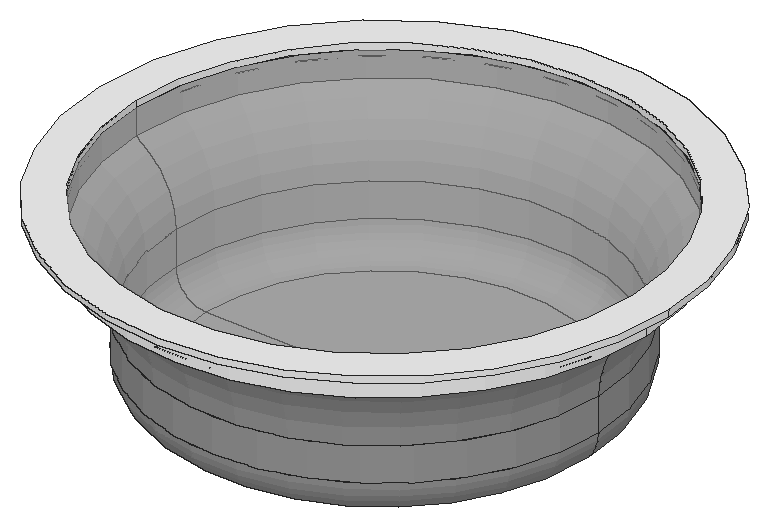
Revit family "3033937 Lighting Fixture_Sylvania_Insaver HO Topper LED II_Ceiling Recessed", category Lighting Fixtures, host Face, Revit 2017
Family settings
  Host = Face
  Round Connector Dimension = Use Diameter
  Part Type = Normal
  OmniClass Number = 23.80.70.11.17
  OmniClass Title = Specialized Lighting by Location or Use
  Cut with Voids When Loaded = No
  Light Source = Yes
  Shared = No
  Room Calculation Point = No
Parameters (values of type "Insaver HO Topper LED II 175 RO 15W NW")
  Weight = 0.45 kg
  Wattage = 16.2515 W
  built-in parameter 1150110 = 1 (stored number, unit not read)
  Voltage Comments = "UNV (Universal Voltage; 220-240 Volt)"  # constant formula
  Voltage = 230 V  # constant formula
  URL = "http://www.sylvania-lighting.com"
  Ta Rating = "-10°C to +40°C"  # constant formula
  LOR = "100 %"
  Glow Wire Test = 650 °C  # constant formula
  Electrical Protection = "Class II"  # constant formula
  Distribution type = "Direct - Symmetrical"  # constant formula
  Accessory Marerial = Metallic Paint_Sylvania_Insaver HO Topper LED_White_RAL 9003
  built-in parameter 1114217 = 1 (stored number, unit not read)
  Tilt Angle = -90°
  built-in parameter 1150109 = 1 (stored number, unit not read)
  built-in parameter 1150134 = 12
  built-in parameter 1150113 = 1 (stored number, unit not read)
  Product Page URL = "http://www.sylvania-lighting.com/product/en-int/products/3033937"
  Product Family = "INSAVER HO TOPPER LED II"  # constant formula
  Photometry Comments = ""
  Photometric Web File = "3033937_InsaverHOTopperLEDII175RO15WNW-194716.ies"
  Life = "50 000 h"  # constant formula
  Inner Radius = Inner Diameter / 2  # 85.0 mm
  IP Rating = "IP44"  # constant formula
  IK Rating = "IK07"  # constant formula
  Emit from Circle Diameter = Diffuser Diameter  # 166.0 mm
  Drive Current = "300 mA"
  Accessory Diameter = Diameter + 15.0 mm  # 190.0 mm
  Inner Diameter = Diameter - 5.0 mm  # 170.0 mm
  Diffuser Diameter = Diameter - 9.0 mm  # 166.0 mm
  Diameter = 175.0 mm
  Cutout Diameter = Diameter  # 175.0 mm
  CRI ( Ra ) = 80  # constant formula
  Body Material = Metallic Paint_Sylvania_Insaver HO Topper LED_White_RAL 9003
  Beam Angle = 74°  # constant formula
  Difuser Material = Polycarbonate_Sylvania_Insaver HO Topper LED_3000K
  Height = 55.0 mm
  built-in parameter 1114216 [instance] = 1 (stored number, unit not read)
  Model = "Insaver HO Topper LED II 175 RO 15W NW"
  Manufacturer = "Feilo Sylvania"  # constant formula
  built-in parameter 1150105 = 831.51 (stored number, unit not read)
  Lumens = 1481 lm
  built-in parameter 1150115 = 1 (stored number, unit not read)
  built-in parameter 1150137 = (empty or 0)
  built-in parameter 1150139 = (empty or 0)
  built-in parameter 1150112 = 1 (stored number, unit not read)
  built-in parameter 1150114 = 1 (stored number, unit not read)
  Lamp Comments = "Integrated LED"  # constant formula
  Lamp = "15W"
  built-in parameter 1150132 = 2
  built-in parameter 1150102 = (empty or 0)
  built-in parameter 1150107 = 4000 (stored number, unit not read)
  built-in parameter 1150138 = (empty or 0)
  built-in parameter 1150106 = 8.3151 (stored number, unit not read)
  Reflector Material = Metal_Sylvania_Insaver HO Topper LED
  Emit Shape Visible in Rendering = yes
  built-in parameter 1150104 = 8.4663 (stored number, unit not read)
  Dimming Lamp Color Temperature Shift = <None>
  Description = "Insaver HO Topper LED II is available in 4 different round cut out sizes: 150mm, 175mm, 205mm & 220mm Insaver HO Topper LED II 150 12W delivers a 1,134 lumen output (4,000K) - perfect for 1x26W CFL replacement Insaver HO Topper LED II 175 15W delivers a 1,480 lumen output (4,000K) - perfect for 1x32W/2x18W CFL replacement Insaver HO Topper LED II 205 21W delivers a 1,989 lumen output (4,000K) - perfect for 1x42W CFL replacement Insaver HO Topper LED II 225 25W delivers a 2,289 lumen output (4,000K)- perfect for 2x26W CFL replacement High efficacy up to 99lm/W (Insaver HO Topper LED II 175 4,000K) IP44 rating allows for installation in applicable wet zone areas Choice of 3,000K (warm white) or 4,000K (neutral white) Shallow recess depth of <65mm Can replace existing large CFL downlights using a 225mm ceiling cut out (Insaver HO Topper LED II 225) Energy efficient electronic gear including analogue 1-10V and DALI dimmable options IK07 polycarbonate diffuser allows for a wider light distribution than a reflector downlight, allowing for increased spacings between luminaires 3 hour emergency pack available (to be ordered in addition to the luminaire) Ideal for applications such as corridors, public WCs and back of house areas Quick and easy to install Loop in-Loop out facility with red push fit terminal block for quick wiring White bezel (RAL 9003) Energy Class: A++, A+, A Long lifetime: 50,000 hours life at L70 (L80: 30,000 hours, L90: 15,000 hours)"  # constant formula
  Default Elevation = 0.0 mm
  Color Filter = 16777215
  Catalog Number = "3033937 Insaver HO Topper LED II 175 RO 15W NW"
  built-in parameter 1140040 [instance] = 1
  built-in parameter 1114218 = 1 (stored number, unit not read)
  built-in parameter 1150133 = 10 (stored number, unit not read)
  Assembly Code = "D5020200"
  Apparent Load Comments = ""
  Apparent Load = 15 VA
Reference planes
  plane 1 "Center (Front/Back)": y = 0
  plane 2: z = 0
  plane 3 "Center (Left/Right)": x = 0
  plane 4 "Fixture Bottom": z = 2
  plane 5 "Fixture Top": z = -55
  plane 6 "Brace Top": z = -8.5
  plane 7 "Fixture Left": x = -95
  plane 8 "Fixture Right": x = 95
  plane 9 "Cutout Right": x = 87.5
  plane 10 "Cutout Left": x = -87.5
  plane 11: z = -2
Forms (mm)
  Extrusion 1, void
    sketch origin (0, 0, 59) x (-1, 0, 0) y (0, -1, 0)
      loop
        circle (0, 0) r 87.5
    from -114 to -57
  Extrusion 2, solid, material "Metallic Paint_Sylvania_Insaver HO Topper LED_White_RAL 9003" <- "Accessory Marerial", detail levels fine
    sketch origin (0, 0, 59) x (-1, 0, 0) y (0, -1, 0)
      loop
        circle (0, 0) r 95
      loop
        circle (0, 0) r 83
    from -59 to -57
  Extrusion 3, solid, material "Metallic Paint_Sylvania_Insaver HO Topper LED_White_RAL 9003" <- "Accessory Marerial", detail levels fine
    sketch origin (0, 0, 0) x (1, 0, 0) y (0, 1, 0)
      loop
        circle (0, 0) r 87.5
      loop
        circle (0, 0) r 85
    from -8.5 to 0
  Extrusion 4, solid, material "Polycarbonate_Sylvania_Insaver HO Topper LED_3000K" <- "Difuser Material", detail levels fine
    sketch origin (0, 0, 59) x (-1, 0, 0) y (0, -1, 0)
      loop
        circle (0, 0) r 83
    from -61 to -59
  Revolve 5, solid, material "Metal_Sylvania_Insaver HO Topper LED" <- "Reflector Material", detail levels fine
    sketch origin (0, 0, 0) x (1, 0, 0) y (0, 0, 1)
      loop
        line (-83, 0) -> (-85, 0) -> (-85, -8.5)
        arc (-85, -8.5) -> (-75.208, -18.379) -> (-71.627, -31.82) r 27.019
        line (-71.627, -31.82) -> (-71.627, -43)
        arc (-71.627, -43) -> (-68.113, -51.485) -> (-59.627, -55) r 12
        line (-59.627, -55) -> (0, -55) -> (0, -53) -> (-59.627, -53)
        arc (-59.627, -53) -> (-66.698, -50.071) -> (-69.627, -43) r 10
        line (-69.627, -43) -> (-69.627, -31.82)
        arc (-69.627, -31.82) -> (-73.208, -18.379) -> (-83, -8.5) r 27.019
        line (-83, -8.5) -> (-83, 0)
      axis (0, -55) -> (0, 0)
    angle from 0 to 360
  Revolve 6, solid, material "Metallic Paint_Sylvania_Insaver HO Topper LED_White_RAL 9003" <- "Body Material", detail levels coarse+medium
    sketch origin (0, 0, 0) x (1, 0, 0) y (0, 0, 1)
      loop
        line (-71.627, -31.82) -> (-71.627, -43)
        arc (-71.627, -43) -> (-68.113, -51.485) -> (-59.627, -55) r 12
        line (-59.627, -55) -> (0, -55) -> (0, 2) -> (-95, 2) -> (-95, 0) -> (-87.5, 0) -> (-87.5, -8.5) -> (-85, -8.5)
        arc (-85, -8.5) -> (-75.208, -18.379) -> (-71.627, -31.82) r 27.019
      axis (0, -55) -> (0, 2)
    angle from 0 to 360
Cuts and joins
  joined: Extrusion 2, Extrusion 3
Dimensions and locks
  plane 4 "Fixture Bottom" to plane 2 to plane 6 "Brace Top" = 2.0 mm locked, 8.5 mm locked
  "Height": plane 2 to plane 5 "Fixture Top"
  equal spacing: plane 8 "Fixture Right", plane 3 "Center (Left/Right)", plane 7 "Fixture Left"
  "Accessory Diameter": plane 8 "Fixture Right" to plane 7 "Fixture Left"
  equal spacing: plane 9 "Cutout Right", plane 3 "Center (Left/Right)", plane 10 "Cutout Left"
  "Diameter": plane 9 "Cutout Right" to plane 10 "Cutout Left"
  locked: Revolve 6 sketch curve to Revolve 6 sketch curve at 23.373
  locked: Revolve 6 sketch curve to plane 5 "Fixture Top" at 12
  locked: Revolve 5 sketch curve to plane 7 "Fixture Left" at 23.373
  "Cutout Diameter": diameter of Extrusion 1 sketch curve
  "Accessory Diameter": diameter of Extrusion 2 sketch curve
  "Diffuser Diameter": diameter of Extrusion 2 sketch curve
  "Diameter": diameter of Extrusion 3 sketch curve
  "Inner Diameter": diameter of Extrusion 3 sketch curve
  "Diffuser Diameter": diameter of Extrusion 4 sketch curve
  aligned and locked: plane 2 to host face
  aligned and locked: level to host face
  aligned and locked: plane 1 "Center (Front/Back)" to imposter light
  aligned and locked: Extrusion 2 to plane 2
  aligned and locked: plane 4 "Fixture Bottom" to Extrusion 2
  aligned and locked: plane 2 to Extrusion 3
  aligned and locked: plane 4 "Fixture Bottom" to Extrusion 1
  aligned and locked: Extrusion 1 to plane 5 "Fixture Top"
  aligned and locked: plane 3 "Center (Left/Right)" to imposter light
  aligned and locked: imposter light to plane 4 "Fixture Bottom"
  aligned and locked: Extrusion 3 to plane 6 "Brace Top"
  aligned and locked: level to Extrusion 4
  aligned and locked: plane 11 to Extrusion 4
  aligned and locked: imposter light to Revolve 5 sketch curve  (x2)
  aligned and locked: Revolve 5 sketch curve to plane 2
  aligned and locked: plane 6 "Brace Top" to Revolve 5 sketch curve
  aligned and locked: Revolve 6 sketch curve to imposter light
  aligned and locked: plane 2 to Revolve 6 sketch curve
  aligned and locked: plane 6 "Brace Top" to Revolve 6 sketch curve
  aligned and locked: plane 7 "Fixture Left" to Revolve 6 sketch curve
  aligned and locked: plane 10 "Cutout Left" to Revolve 6 sketch curve
  aligned and locked: Revolve 6 sketch curve to plane 5 "Fixture Top"
  aligned and locked: Revolve 5 sketch curve to plane 5 "Fixture Top"
Automatic sketch dimensions
  host sketch curve to host sketch curve = 1596.918 mm
  host sketch curve to host sketch curve = 1559.52 mm
  Revolve 6 sketch curve to plane 3 "Center (Left/Right)" = 0.0 mm  (x2)
  Revolve 6 sketch curve to Revolve 6 sketch curve = 2.5 mm
  plane 5 "Fixture Top" to Revolve 6 sketch curve = 23.18 mm
  Revolve 6 sketch curve to plane 5 "Fixture Top" = 19.048 mm
  plane 4 "Fixture Bottom" to Revolve 6 sketch curve = 5.837 mm
  Revolve 5 sketch curve to Revolve 5 sketch curve = 0.0 mm  (x2)
  Revolve 5 sketch curve to plane 6 "Brace Top" = 0.0 mm
  plane 10 "Cutout Left" to Revolve 5 sketch curve = 2.5 mm
  plane 5 "Fixture Top" to Revolve 5 sketch curve = 2.0 mm
  Revolve 5 sketch curve to Revolve 5 sketch curve = 2.0 mm  (x2)
  Revolve 5 sketch curve to Revolve 5 sketch curve = 10.0 mm
  plane 5 "Fixture Top" to Revolve 5 sketch curve = 23.18 mm
  Revolve 5 sketch curve to plane 5 "Fixture Top" = 19.048 mm
  plane 4 "Fixture Bottom" to Revolve 5 sketch curve = 5.837 mm
  plane 1 "Center (Front/Back)" to Extrusion 1 sketch curve = 0.0 mm
  Extrusion 1 sketch curve to plane 3 "Center (Left/Right)" = 0.0 mm
  Extrusion 2 sketch curve to Extrusion 2 sketch curve = 0.0 mm  (x2)
  plane 1 "Center (Front/Back)" to Extrusion 2 sketch curve = 0.0 mm
  Extrusion 2 sketch curve to plane 3 "Center (Left/Right)" = 0.0 mm
  Extrusion 3 sketch curve to Extrusion 3 sketch curve = 0.0 mm  (x2)
  plane 1 "Center (Front/Back)" to Extrusion 3 sketch curve = 0.0 mm
  Extrusion 3 sketch curve to plane 3 "Center (Left/Right)" = 0.0 mm
  plane 1 "Center (Front/Back)" to Extrusion 4 sketch curve = 0.0 mm
  Extrusion 4 sketch curve to plane 3 "Center (Left/Right)" = 0.0 mm
Connectors
  electrical at (0, 0, -55), driven by "Voltage", driven by "Apparent Load"
    settings: index 1, voltage 230 V, apparent load 0 VA, apparent load phase1 15 VA, apparent load phase2 0 VA, apparent load phase3 0 VA, power factor 1, load classification "Lighting", number of poles 1, system type 31, power factor state 1, is connector primary yes, connector utility no, sub classification motor no, connector description ""
